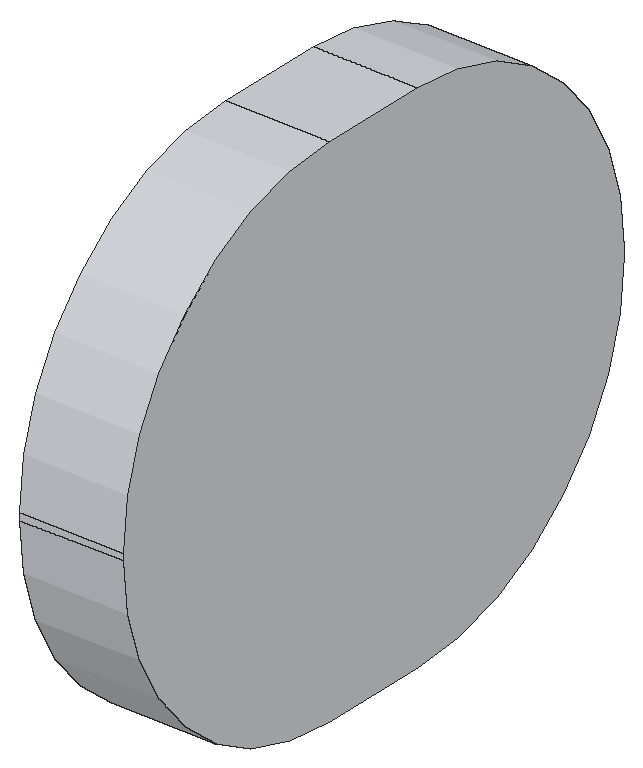
Revit family "77853333379645e2b699102f16fc9fbe", category Duct Fittings, Revit 2021
Family settings
  Round Connector Dimension = Use Diameter
  Part Type = Cap
  OmniClass Number = 23.75.70.14
  OmniClass Title = Air Ductwork
  Seek Item ID = Oval Endcap-0000-USA-ENU
  Work Plane-Based = No
  Always vertical = Yes
  Cut with Voids When Loaded = No
  Shared = No
Parameters (values of type "Standard")
  Duct Width [instance] = 12"
  built-in parameter 1114242 [instance] = (empty or 0)
  Duct Length = 2"
  Duct Height [instance] = 10"
  Default Elevation = 0' - 0"
Reference planes (in)
  plane 1 "Center (Front/Back)": y = 0
  plane 2: z = 0
  plane 3 "Center (Left/Right)": x = 0
  plane 4: x = 2
Forms (in)
  Sweep 1, solid, detail levels medium+fine
    path in 3D
      loop
        line (0, 0, 0) -> (2, 0, 0)
    profile "Duct - Oval : Duct - Oval" origin (1, 0, 0) x (0, 1, 0) y (0, 0, 1)
      loop
        line (-6, 0.0625) -> (-6, -0.0625)
        arc (-6, -0.0625) -> (-4.55384, -3.55384) -> (-1.0625, -5) r 4.9375
        line (-1.0625, -5) -> (1.0625, -5)
        arc (1.0625, -5) -> (4.55384, -3.55384) -> (6, -0.0625) r 4.9375
        line (6, -0.0625) -> (6, 0.0625)
        arc (6, 0.0625) -> (4.55384, 3.55384) -> (1.0625, 5) r 4.9375
        line (1.0625, 5) -> (-1.0625, 5)
        arc (-1.0625, 5) -> (-4.55384, 3.55384) -> (-6, 0.0625) r 4.9375
Lines and regions (in)
  reference lines
    curve 1: line (0, 0, 0) -> (2, 0, 0)
    curve 6: line (0, 0, 0) -> (2, 0, 0)
  sketch lines
    curve 2: line (0, 0, 0) -> (2, 0, 0)
  model lines, style "DuctFitting", detail levels coarse
    curve 3: line (0, 6, 0) -> (0, -6, 0)
    curve 4: line (0, -6, 0) -> (-4, -6, 0)
    curve 5: line (0, 6, 0) -> (-4, 6, 0)
Dimensions and locks (in)
  "Duct Length": plane 3 "Center (Left/Right)" to plane 4
  equal spacing: curve 5, plane 1 "Center (Front/Back)", curve 4
  "Duct Width": curve 5 to curve 4
  aligned and locked: plane 1 "Center (Front/Back)" to curve 1
  aligned and locked: plane 3 "Center (Left/Right)" to curve 1
  aligned and locked: plane 3 "Center (Left/Right)" to curve 6
  aligned and locked: plane 1 "Center (Front/Back)" to curve 6
Automatic sketch dimensions
  curve 5 to plane 3 "Center (Left/Right)" = 0' - 0"
  curve 5 to curve 3 = 0' - 4"
  curve 4 to curve 3 = 0' - 4"
  curve 1 to plane 4 = 0' - 0"
  curve 6 to plane 4 = 0' - 0"
Connectors (in)
  hvac at (0, 0, 0), driven by "Duct Height", driven by "Duct Width"
    settings: on Sweep 1, index 1, duct flow 0 CFM, flow factor 0, pres drop 0.00 in-wg, loss coef 0, conn angle 0.00°, conn width 12", conn height 10", conn diameter 24", duct sys type 28, conn prof type 2, flow config 0, flow direction 0, loss method 0, conn ref index -1, conn util no, is conn primary yes, conn desc ""
